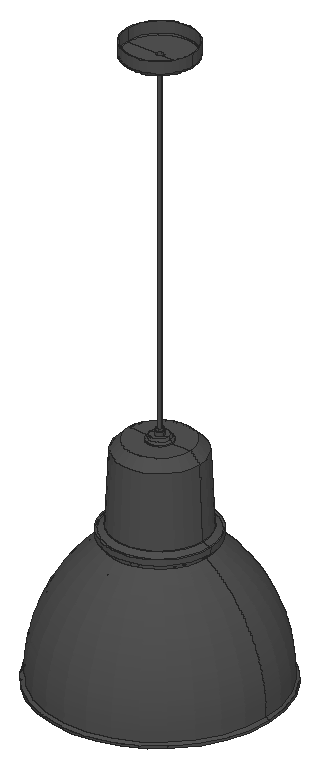
Revit family "SH-6157-12pc", category Lighting Fixtures, host Ceiling, Revit 2017
Family settings
  Host = Ceiling
  Round Connector Dimension = Use Diameter
  Part Type = Normal
  OmniClass Number = 23.80.70.11
  OmniClass Title = Luminaries for Internal Lighting
  Always vertical = Yes
  Cut with Voids When Loaded = No
  Light Source = Yes
  Shared = No
  Room Calculation Point = No
Parameters (values of type "SH-6157-12pc(Black body-E27)")
  wattage. = 0 W
  instalation Class = "Pendant Mounted"
  consumption current = 0 A
  color temperature = ""
  color rendering index(CRI) = ""
  ceiling offset [instance] = 50 cm
  Website = "www.shoaco.com"
  Wattage = 37.0266 W
  Voltage/Frequency = "230V/50HZ"
  built-in parameter 1150110 = 1 (stored number, unit not read)
  URL = "https://www.shoaco.com/fa/product/%DA%86%D8%B1%D8%A7%D8%BA-%D9%87%D8%A7%DB%8C-%D8%B5%D9%86%D8%B9%D8%AA%DB%8C/68-%DA%86%D8%B1%D8%A7%D8%BA-%D8%B5%D9%86%D8%B9%D8%AA%DB%8C-%D9%85%D8%AF%D9%84-SH-6157-12PC.html"
  Type medule = ""
  built-in parameter 1114217 = 1 (stored number, unit not read)
  Tilt Angle = 90.00°
  built-in parameter 1150109 = 1 (stored number, unit not read)
  built-in parameter 1150134 = (empty or 0)
  built-in parameter 1150113 = 1 (stored number, unit not read)
  Reflector Material = Polycarbonate
  Protection Class = ""
  Photometric Web File = "FLOODLIGHT_LED_5730_100W_CW.IES"
  Model = "SH-6157-12pc"
  Manufacturer = "SHOA"
  Lumens = 5500 lm
  built-in parameter 1150115 = 1 (stored number, unit not read)
  built-in parameter 1150105 = 437.68 (stored number, unit not read)
  built-in parameter 1150137 = (empty or 0)
  built-in parameter 1150139 = (empty or 0)
  built-in parameter 1150112 = 1 (stored number, unit not read)
  built-in parameter 1150114 = 1 (stored number, unit not read)
  Lamp = "E27"
  built-in parameter 1150132 = 2
  built-in parameter 1150102 = (empty or 0)
  built-in parameter 1150138 = (empty or 0)
  built-in parameter 1150107 = 3000 (stored number, unit not read)
  built-in parameter 1150106 = 4.3768 (stored number, unit not read)
  IP = "X3"
  Height = 32.6523 cm
  Flicker = ""
  built-in parameter 1150104 = 13.8 (stored number, unit not read)
  Dimming Lamp Color Temperature Shift = <None>
  Diameter = 31.6 cm
  Color Filter = 16777215
  Body color = Black Body
  Body Material [instance] = "Aluminum"
  built-in parameter 1114218 = 1 (stored number, unit not read)
  built-in parameter 1150133 = 10 (stored number, unit not read)
Types (3, lengths in cm): name | ceiling offset | Reflector Material | Body color
  (no name) | 50 | Polycarbonate | Black Body
  SH-6157-12pc(Black body-E27) | 50 | Polycarbonate | Black Body
  SH-6157-12pc(White body-E27) | 53 | none | White Body
Reference planes (cm)
  plane 1 "Light Source Axis (F/B)": y = 0
  plane 2 "Ceiling": z = 243.84
  plane 3 "Light Source Axis (L/R)": x = 0
  plane 4 "Light Source Elevation": z = 161.1877
  plane 5: z = 193.84
  plane 6: x = 15.8
  plane 7: x = -15.8
Forms (cm)
  Extrusion 1, solid, material "Black Body" <- "Body color"
    sketch origin (-0.0096, 0.001, 243.84) x (1, 0, 0) y (0, 1, 0)
      loop
        circle (0, 0) r 0.2509
    from -50 to -2.597
  Revolve 2, solid, material "Black Body" <- "Body color"
    sketch origin (0, 0, 171.985) x (1, 0, 0) y (0, 0, 1)
      loop
        line (-15.7, -10.7972) -> (-15.7, -10.5794) -> (-15.25, -10.2671)
        spline (-15.25, -10.2671) -> (-15.1185, -7.5152) -> (-14.8913, -5.9699) -> (-14.5605, -4.4965) -> (-14.1732, -3.1749) -> (-13.5993, -1.6305) -> (-13.0894, -0.4799) -> (-12.3707, 0.8761) -> (-11.5291, 2.1876) -> (-10.608, 3.4503) -> (-9.531, 4.6953) -> (-8.1159, 6.1166) -> (-6.658, 7.3817)
        line (-6.658, 7.3817) -> (-6.7199, 7.4668) -> (-6.7199, 8.2028) -> (-7.2925, 8.2028) -> (-7.2925, 8.777) -> (0, 8.777) -> (0, 8.877) -> (-7.3925, 8.877) -> (-7.3925, 8.1201) -> (-6.8199, 8.1201) -> (-6.8199, 7.3811)
        spline (-6.8199, 7.3811) -> (-8.2725, 6.1135) -> (-9.6778, 4.694) -> (-10.7512, 3.4464) -> (-11.6662, 2.1847) -> (-12.5034, 0.8725) -> (-13.2176, -0.4836) -> (-13.7237, -1.634) -> (-14.2927, -3.1769) -> (-14.6762, -4.498) -> (-15.0024, -5.9685) -> (-15.2255, -7.5126) -> (-15.3491, -10.2141)
        line (-15.3491, -10.2141) -> (-15.8, -10.5271) -> (-15.8, -10.7972) -> (-15.7, -10.7972)
      axis (0, 8.877) -> (0, -10.7972)
    angle from 0 to 360
  Revolve 3, solid, material "Black Body" <- "Body color"
    sketch origin (0, 0, 171.985) x (1, 0, 0) y (0, 0, 1)
      loop
        line (-7.1119, 8.877) -> (-6.9119, 8.877) -> (-6.2481, 9.2602) -> (-6.1556, 9.4206) -> (-5.6531, 19.0089) -> (-4.4058, 20.2562) -> (-1.7252, 20.2562) -> (-1.6468, 20.392) -> (-1.3467, 20.6921) -> (-1.2027, 20.9415) -> (-0.467, 20.9415) -> (-0.467, 21.3562) -> (-0.3343, 21.6278) -> (-0.3343, 21.755) -> (0, 21.755) -> (0, 21.855) -> (-0.4343, 21.855) -> (-0.4343, 21.6409) -> (-0.4838, 21.4562) -> (-0.567, 21.4562) -> (-0.567, 21.0415) -> (-1.2605, 21.0415) -> (-1.4267, 20.7535) -> (-1.7252, 20.455) -> (-1.7252, 20.3562) -> (-4.4472, 20.3562) -> (-5.7509, 19.0525) -> (-6.2554, 9.4258) -> (-6.3025, 9.3443) -> (-7.1119, 8.877)
      axis (0, 21.855) -> (0, 8.877)
    angle from 0 to 360
  Revolve 4, solid, material "Black Body" <- "Body color"
    sketch origin (12.9063, 0, 176.429) x (1, 0, 0) y (0, 0, 1)
      loop
        line (-17.684, 67.411) -> (-17.684, 65.8139)
        spline (-17.684, 65.8139) -> (-17.6795, 65.7838) -> (-17.6727, 65.7563) -> (-17.6636, 65.7312) -> (-17.6523, 65.7085) -> (-17.6387, 65.6884) -> (-17.6228, 65.6707) -> (-17.6047, 65.6555) -> (-17.5843, 65.6427) -> (-17.5616, 65.6325) -> (-17.5366, 65.6247) -> (-17.5094, 65.6194) -> (-17.4798, 65.6165)
        line (-17.4798, 65.6165) -> (-13.4612, 65.6165) -> (-13.4612, 65.2286) -> (-13.38, 65.2286) -> (-13.38, 64.8141) -> (-12.9063, 64.8141) -> (-12.9063, 64.9141) -> (-13.28, 64.9141) -> (-13.28, 65.3286) -> (-13.3612, 65.3286) -> (-13.3612, 65.7165) -> (-17.477, 65.7165)
        spline (-17.477, 65.7165) -> (-17.4969, 65.7186) -> (-17.5134, 65.722) -> (-17.5269, 65.7263) -> (-17.5376, 65.7313) -> (-17.5462, 65.7367) -> (-17.5534, 65.7427) -> (-17.5597, 65.75) -> (-17.5656, 65.759) -> (-17.5713, 65.7705) -> (-17.5765, 65.785) -> (-17.5808, 65.8028) -> (-17.584, 65.824)
        line (-17.584, 65.824) -> (-17.584, 67.411) -> (-17.684, 67.411)
      axis (-12.9063, 64.8141) -> (-12.9063, 67.411)
    angle from 0 to 360
  Revolve 5, solid, material "Aluminum"
    sketch origin (0, 0, 171.985) x (1, 0, 0) y (0, 0, 1)
      loop
        line (-15.7, -10.7745) -> (-15.55, -10.7745) -> (-15.55, -10.6579) -> (-15.1013, -10.3465)
        spline (-15.1013, -10.3465) -> (-14.9697, -7.5355) -> (-14.7432, -5.9936) -> (-14.4119, -4.5204) -> (-14.0243, -3.2019) -> (-13.4517, -1.6664) -> (-12.94, -0.5154) -> (-12.2204, 0.836) -> (-11.3745, 2.1473) -> (-10.455, 3.4025) -> (-9.3633, 4.6542) -> (-7.9491, 6.0687) -> (-6.452, 7.3533)
        line (-6.452, 7.3533) -> (-6.5699, 7.5156) -> (-6.5699, 8.3528) -> (-7.1425, 8.3528) -> (-7.1425, 8.627) -> (0, 8.627) -> (0, 8.777) -> (-7.2925, 8.777) -> (-7.2925, 8.2028) -> (-6.7199, 8.2028) -> (-6.7199, 7.4668) -> (-6.658, 7.3817)
        spline (-6.658, 7.3817) -> (-8.1159, 6.1166) -> (-9.531, 4.6953) -> (-10.608, 3.4503) -> (-11.5291, 2.1876) -> (-12.3707, 0.8761) -> (-13.0894, -0.4799) -> (-13.5993, -1.6305) -> (-14.1732, -3.1749) -> (-14.5605, -4.4965) -> (-14.8913, -5.9699) -> (-15.1185, -7.5152) -> (-15.25, -10.2671)
        line (-15.25, -10.2671) -> (-15.7, -10.5794) -> (-15.7, -10.7745)
      axis (0, 8.777) -> (0, -10.7745)
    angle from 0 to 360
Dimensions and locks (cm)
  equal spacing: host sketch curve, plane 3 "Light Source Axis (L/R)", host sketch curve
  equal spacing: host sketch curve, plane 1 "Light Source Axis (F/B)", host sketch curve
  host sketch curve to host sketch curve = 304.8 cm  (x2)
  "ceiling offset": plane 2 "Ceiling" to plane 5
  "Height": plane 5 to plane 4 "Light Source Elevation"
  "Diameter": plane 6 to plane 7
  aligned and locked: plane 3 "Light Source Axis (L/R)" to imposter light
  aligned and locked: plane 1 "Light Source Axis (F/B)" to imposter light
  aligned and locked: plane 4 "Light Source Elevation" to imposter light
  aligned and locked: Extrusion 1 to Revolve 4
  aligned and locked: Revolve 4 to host ceiling
  aligned and locked: Revolve 3 to Extrusion 1
  aligned and locked: plane 4 "Light Source Elevation" to Revolve 2
  aligned and locked: Revolve 3 to plane 5
  aligned and locked: Revolve 2 to Revolve 2
  aligned and locked: Revolve 2 to Revolve 3
Automatic sketch dimensions
  Extrusion 1 sketch curve to plane 1 "Light Source Axis (F/B)" = 0.001 cm
  Extrusion 1 sketch curve to plane 3 "Light Source Axis (L/R)" = 0.0096 cm
  Revolve 2 sketch curve to plane 4 "Light Source Elevation" = 0 cm
  Revolve 2 sketch curve to plane 3 "Light Source Axis (L/R)" = 0 cm  (x2)
  Revolve 2 sketch curve to plane 3 "Light Source Axis (L/R)" = 6.658 cm
  Revolve 2 sketch curve to Revolve 2 sketch curve = 0.0618 cm
  Revolve 2 sketch curve to Revolve 2 sketch curve = 0.1 cm  (x4)
  Revolve 2 sketch curve to Revolve 2 sketch curve = 0.4726 cm
  Revolve 2 sketch curve to plane 4 "Light Source Elevation" = 0.5302 cm
  Revolve 2 sketch curve to plane 3 "Light Source Axis (L/R)" = 15.25 cm
  Revolve 2 sketch curve to plane 4 "Light Source Elevation" = 0.5831 cm
  Revolve 2 sketch curve to Revolve 2 sketch curve = 0.0991 cm
  Revolve 2 sketch curve to plane 4 "Light Source Elevation" = 0.2178 cm
  Revolve 2 sketch curve to Revolve 2 sketch curve = 0.3509 cm
  Revolve 2 sketch curve to plane 4 "Light Source Elevation" = 0.2702 cm
  Revolve 2 sketch curve to plane 5 = 14.4739 cm
  Revolve 2 sketch curve to Revolve 2 sketch curve = 0.0006 cm
  Revolve 2 sketch curve to Revolve 2 sketch curve = 0.0851 cm
  Revolve 2 sketch curve to Revolve 2 sketch curve = 0.6533 cm
  Revolve 2 sketch curve to Revolve 2 sketch curve = 0.0826 cm
  Revolve 2 sketch curve to Revolve 2 sketch curve = 0.5743 cm
  plane 4 "Light Source Elevation" to Revolve 2 sketch curve = 4.8257 cm
  Revolve 2 sketch curve to Revolve 2 sketch curve = 4 cm
  Revolve 3 sketch curve to plane 5 = 0 cm
  Revolve 3 sketch curve to plane 3 "Light Source Axis (L/R)" = 0 cm  (x2)
  Revolve 3 sketch curve to plane 5 = 0.1 cm
  Revolve 3 sketch curve to Revolve 3 sketch curve = 0.3343 cm
  Revolve 3 sketch curve to plane 5 = 0.2141 cm
  Revolve 3 sketch curve to Revolve 3 sketch curve = 0.1 cm  (x5)
  Revolve 3 sketch curve to plane 3 "Light Source Axis (L/R)" = 0.467 cm
  Revolve 3 sketch curve to Revolve 3 sketch curve = 0.0168 cm
  Revolve 3 sketch curve to Revolve 3 sketch curve = 0.6357 cm
  Revolve 3 sketch curve to Revolve 3 sketch curve = 0.0577 cm
  Revolve 3 sketch curve to Revolve 3 sketch curve = 0.144 cm
  Revolve 3 sketch curve to Revolve 3 sketch curve = 0.08 cm
  Revolve 3 sketch curve to Revolve 3 sketch curve = 0.2201 cm
  Revolve 3 sketch curve to Revolve 3 sketch curve = 0.0784 cm
  Revolve 3 sketch curve to Revolve 3 sketch curve = 0 cm
  Revolve 3 sketch curve to Revolve 3 sketch curve = 2.6806 cm
  Revolve 3 sketch curve to plane 5 = 1.4988 cm
  Revolve 3 sketch curve to Revolve 3 sketch curve = 0.0414 cm
  Revolve 3 sketch curve to Revolve 3 sketch curve = 1.2473 cm
  Revolve 3 sketch curve to plane 5 = 2.8025 cm
  Revolve 3 sketch curve to Revolve 3 sketch curve = 0.0979 cm
  Revolve 3 sketch curve to plane 3 "Light Source Axis (L/R)" = 6.1556 cm
  Revolve 3 sketch curve to Revolve 3 sketch curve = 0.0926 cm
  Revolve 3 sketch curve to Revolve 3 sketch curve = 0.0999 cm
  Revolve 3 sketch curve to Revolve 3 sketch curve = 0.047 cm
  Revolve 3 sketch curve to Revolve 3 sketch curve = 0.6637 cm
  Revolve 3 sketch curve to Revolve 3 sketch curve = 0.2 cm
  Revolve 3 sketch curve to Revolve 3 sketch curve = 0.0436 cm
  Revolve 3 sketch curve to Revolve 3 sketch curve = 9.5831 cm
  Revolve 3 sketch curve to Revolve 3 sketch curve = 0.0052 cm
  Revolve 3 sketch curve to Revolve 3 sketch curve = 0.0815 cm
  Revolve 3 sketch curve to Revolve 3 sketch curve = 0.0841 cm
  Revolve 3 sketch curve to Revolve 3 sketch curve = 0.4673 cm
  Revolve 3 sketch curve to Revolve 3 sketch curve = 0.0358 cm
  Revolve 3 sketch curve to Revolve 3 sketch curve = 0.0988 cm
  Revolve 3 sketch curve to Revolve 3 sketch curve = 0.3001 cm
  Revolve 3 sketch curve to Revolve 3 sketch curve = 0.0614 cm
  Revolve 3 sketch curve to Revolve 3 sketch curve = 0.2493 cm
  Revolve 3 sketch curve to Revolve 3 sketch curve = 0.2847 cm
  Revolve 3 sketch curve to Revolve 3 sketch curve = 0.0132 cm
  Revolve 3 sketch curve to Revolve 3 sketch curve = 1.5655 cm
  plane 5 to Revolve 3 sketch curve = 1 cm
  Revolve 4 sketch curve to plane 2 "Ceiling" = 0 cm
  Revolve 4 sketch curve to plane 3 "Light Source Axis (L/R)" = 0 cm  (x2)
  Revolve 4 sketch curve to plane 3 "Light Source Axis (L/R)" = 0.3736 cm
  Revolve 4 sketch curve to Revolve 4 sketch curve = 0.0813 cm
  Revolve 4 sketch curve to Revolve 4 sketch curve = 0.1 cm  (x6)
  Revolve 4 sketch curve to plane 2 "Ceiling" = 1.6945 cm
  Revolve 4 sketch curve to Revolve 4 sketch curve = 4.0158 cm
  Revolve 4 sketch curve to Revolve 4 sketch curve = 0.0028 cm
  Revolve 4 sketch curve to plane 2 "Ceiling" = 1.587 cm
  Revolve 4 sketch curve to Revolve 4 sketch curve = 0.107 cm
  Revolve 4 sketch curve to Revolve 4 sketch curve = 0.2879 cm
  Revolve 4 sketch curve to Revolve 4 sketch curve = 0.3145 cm
  Revolve 4 sketch curve to Revolve 4 sketch curve = 0.0101 cm
  Revolve 4 sketch curve to Revolve 4 sketch curve = 0.7315 cm
  plane 2 "Ceiling" to Revolve 4 sketch curve = 0.4524 cm
  Revolve 5 sketch curve to plane 3 "Light Source Axis (L/R)" = 0 cm  (x2)
  Revolve 5 sketch curve to plane 3 "Light Source Axis (L/R)" = 6.452 cm
  Revolve 5 sketch curve to Revolve 5 sketch curve = 0.1179 cm
  Revolve 5 sketch curve to Revolve 5 sketch curve = 0.0882 cm
  Revolve 5 sketch curve to Revolve 5 sketch curve = 0.15 cm  (x5)
  Revolve 5 sketch curve to Revolve 5 sketch curve = 0.4226 cm
  Revolve 5 sketch curve to plane 4 "Light Source Elevation" = 0.4508 cm
  Revolve 5 sketch curve to plane 3 "Light Source Axis (L/R)" = 15.1013 cm
  Revolve 5 sketch curve to plane 4 "Light Source Elevation" = 0.5302 cm
  Revolve 5 sketch curve to Revolve 5 sketch curve = 0.1487 cm
  Revolve 5 sketch curve to plane 4 "Light Source Elevation" = 0.0227 cm
  Revolve 5 sketch curve to Revolve 5 sketch curve = 0.3 cm
  Revolve 5 sketch curve to Revolve 5 sketch curve = 0.1166 cm
  Revolve 5 sketch curve to Revolve 5 sketch curve = 0.0785 cm
  Revolve 5 sketch curve to plane 5 = 14.5018 cm
  Revolve 5 sketch curve to Revolve 5 sketch curve = 0.0284 cm
  Revolve 5 sketch curve to Revolve 5 sketch curve = 0.0851 cm
  Revolve 5 sketch curve to Revolve 5 sketch curve = 0.0487 cm
  Revolve 5 sketch curve to Revolve 5 sketch curve = 0.7359 cm
  Revolve 5 sketch curve to Revolve 5 sketch curve = 0.2743 cm
  plane 4 "Light Source Elevation" to Revolve 5 sketch curve = 4.8257 cm
  Revolve 5 sketch curve to Revolve 5 sketch curve = 4.1 cm
  radius of Extrusion 1 sketch curve = 0.2509 cm
Connectors (cm)
  electrical at (0, 0, 243.84)
    settings: on host ceiling, index 1, voltage 230 V, apparent load 0 VA, apparent load phase1 0 VA, apparent load phase2 0 VA, apparent load phase3 0 VA, power factor 1, load classification "Other", number of poles 1, system type 31, power factor state 1, is connector primary yes, connector utility no, sub classification motor no, connector description ""
